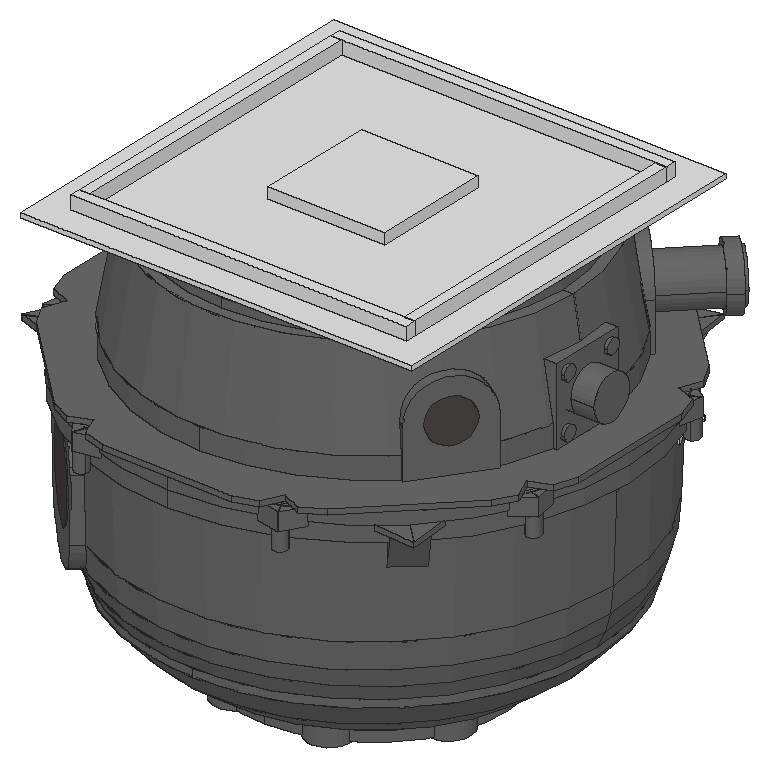
Revit family "280500xc (200)", category Generic Models, Revit 2021
Family settings
  Can host rebar = No
  Round Connector Dimension = Use Diameter
  Part Type = Normal
  Work Plane-Based = No
  Always vertical = Yes
  Cut with Voids When Loaded = No
  Shared = Yes
  Room Calculation Point = No
Parameters (values of type "280500XC")
  SUPPLIER = "KESSEL"
  SA700ID50 = "no"
  SA700ID49 = "Protection Class I"
  SA700ID48 = "no"
  SA700ID47 = "no"
  SA700ID46 = "yes"
  SA700ID37 = 8000 mm
  SA700ID34 = 12
  SA700ID33 = 0.5 W
  SA700ID32 = 15.71 kg
  SA700ID31 = 1
  SA700ID30 = 1
  SA700ID29 = "RWDR"
  SA700ID21 = 800
  SA700ID10 = "No"
  SA700ID08 = 230 V
  PROCUREWEBLINK = "https://p.caden.as/kessel/280500XC"
  PROCURELINK = "p.caden.as/kessel/280500XC"
  PROCUREDATALASTUPDATE = "2024-05-22T12:17:26.334168499+01:00"
  PRC_SPECIFICATIONLINK = "https://ausschreiben.de/catalog/kessel/catalogItem/a43bc22f-9c31-46fb-94bf-540b6dd678c2"
  NN = "Lifting station Aqualift S compact"
  NBSYN = "$SA810ID03. ($LODLEVEL.)"
  NB = "280500XC (200)"
  Model = "280500XC"
  Manufacturer = "KESSEL"
  MIdent = "{$CADENAS_DATA/23d-libs/kessel/kessel_vdi_import/4/entwaesserung/hebeanlage20aqualift20s20compact.prj},217 {STYP=ASS},{VTYP=3D},{NB=280500XC (200)},{LINA=280500XC},{NN=Lifting station Aqualift S compact},{DATE=21.11.2022 10:40:35},{GEOMDATE=21.11.2022 10:40:35},{VERSION=},{LINEID=70},{WBVAR=LODLEVEL},{WBNUMERIC=LODLEVEL}  {NB=280500XC (200)},{LINA=280500XC},{KT=DUMMY},{PREVIEW=../../bilder/ksb_w_280500xc.png},{SA700ID04=Hebeanlage Aqualift S Compact, Mono, GTF500, resistant, Bodenpl., befl.},{SA810ID06=04026092082591},{SA700ID34=12.00},{SA010ID03=201805},{SA810ID03=280500XC},{SA810ID10=Die steckerfertige Hebeanlage für fäkalienfreies Abwasser ist mit einer überflutbaren Pumpe sowie einem Rückflussverhinderer ausgestattet. Der Sammelbehälter aus dauerhaft beständigem Kunststoff (PE) besitzt einen offenen Pumpenraum. Einhandverschlüsse ermöglichen die einfache Entnahme der integrierten Komponenten. Die Anlage zum Einbau in die Bodenplatte ist vormontiert zur bauseitigen Endmontage.- mit teleskopischem Aufsatzstück für stufenlosen Höhen- und Niveauausgleich und integriertem Bodenablauf- Sammelbehälter aus PE, beständig gegen aggressive Abwässer und 3 m Grundwasser- inklusive Rückflussverhinderer für die Druckleitung- inklusive Stutzen für Zulauf und Kabelleerrohr- Pumpe mit Freistromrad für höchste BetriebssicherheitAusführung:Anlagenart: EinzelanlagePumpensteuerung: SchwimmerschalterRückflussverhinderer: integriertResistant: beständig gegen salzhaltige Medien, Abwasser aus Enthärtungsanlagen sowie kondensathaltiges Abwasser aus HeizungsanlagenAuslieferungszustand: installationsfertig (Verbindungsteile sind bauseits anzuschließen)Einbausituation: Einbau in die BodenplatteAbwasserart: fäkalienfreiAllgemeine Merkmale:Farbe: schwarzNorm: EN 12050-2Abmessungen:Länge: 617 mmBreite: 585 mmBehälter/Grundkörper:Zulauf Nennweite (DN): 100 mmDruckabgang (DN): 32 mmDruckabgang (DA): 40 mmEinbautiefe: 490 - 620 mmNutzvolumen: 16 lArt der Höhenverstellbarkeit: teleskopisches AufsatzstückAbdeckungsmerkmale:Abdeckungsart: befliesbare AbdeckplatteAbdeckung Material: KunststoffAbdeckung Farbe: silbergrauAblauffunktion: jaBodenbelaghöhe max.: 16 mmBelastungsklasse: K 3 (EN 1253-1)Länge: 366 mmBreite: 366 mmVerriegelung: Lock & LiftFreier Kugeldurchgang: 10 mmFördereinrichtung:Pumpe: GTF 500Anzahl Pumpen: 1Förderleistung max.: 10 m3/hFörderhöhe max.: 8 mBetriebsspannung: 230 VNetzfrequenz: 50 HzBetriebsart: S1Leistung P1: 0,6 kWLeistung P2: 0,36 kWDrehzahl: 2.800 U/minErforderliche Absicherung (Leitungsschutz): C 16 AFörderguttemperatur (dauerhaft) max.: 40 °CAnschlusstyp: Schuko 2-poligLaufrad Typ: FreistromradLänge Netzanschlussleitung Pumpe: 5 mNennstrom: 2,7 ASchutzart Pumpe: IP 68 (3m)Typ Anschlussleitung Pumpe: H07RN-F 3G 1,0 mm2Temperaturüberwachung: integriertSteuerung:Art Niveauerfassung: mechanischInstrument Niveauerfassung: Schwimmerschalter},{SA700ID37=8.00},{SA700ID33=0.50},{SA700ID08=230},{SA700ID30=1},{SA700ID32=15.71},{SA700ID49=Schutzklasse I},{SA700ID50=nein},{SA200ID03=6},{SA250ID03=vertikal},{SA260ID03=Trockenläuferpumpe},{SA350ID03=normalansaugend},{SA400ID03=E-Motor für Wechselstrom},{SA460ID03=direkt},{SA500ID03=Kunststoff, Edelstahl},{SA700ID06=32},{SA700ID07=100},{SA700ID09=1/N/PE 230V},{SA700ID10=Nein},{SA700ID11=50},{SA700ID12=IP 68},{SA700ID13=F},{SA700ID15=35},{SA700ID21=800.00},{SA700ID22=0.36},{SA700ID23=2800},{SA700ID24=2800},{SA700ID26=2.50},{SA700ID27=6.90},{SA700ID28=durchgehend},{SA700ID29=RWDR},{SA700ID31=1},{SA700ID46=ja},{SA700ID47=nein},{SA700ID48=nein},{SA110ID04=Hebeanlage Aqualift S Compact},{SA300ID03=einstufig},{SA700ID44=MIN},{SA700ID45=MIN},{SA010ID04=KESSEL AG},{LODLEVEL=200},{LINK=https://www.kessel.de/info?han=280500XC},{SA970ID01=970},{SA970ID02=14004},{SA970ID03=280500XC},{SA970ID04=11002617},{SA970ID05=QUAD},{SA970ID06=-326},{SA970ID07=-291.04},{SA970ID08=0},{SA970ID09=1},{SA970ID10=0},{SA970ID11=0},{SA970ID12=0},{SA970ID13=1},{SA970ID14=0},{SA970ID15=617.04},{SA970ID16=582.09},{SA970ID17=488.5},{LODLEVEL_=200,'Low'},{LODLEVEL_DEU=200,'Low'},{LINK_=https://www.kessel.de/info?han=280500XC},{LINK_DEU=https://www.kessel.de/info?han=280500XC},{LODLEVEL_3DB=280500XC_200},{DNIN1=100},{DNIN2=125},{DNIN3=100},{DNIN4=100},{DNOUT1=70},{DNOUT2=32},{ISD1=60},{ISD2=10},{ISD3=10},{SA010ID01=010},{SA010ID02=4},{SA010ID06=www.kessel.de},{SA010ID07=www.kessel.de},{SA010ID12=20180713},{SA010ID13=DEU},{SA010ID14=DE},{SA100ID01=100},{SA100ID02=4},{SA100ID04=Entwässerung},{SA110ID01=110},{SA110ID02=30},{SA200ID01=200},{SA200ID02=6},{SA250ID01=250},{SA250ID02=2},{SA260ID01=260},{SA260ID02=2},{SA300ID01=300},{SA300ID02=1},{SA350ID01=350},{SA350ID02=1},{SA400ID01=400},{SA400ID02=1},{SA460ID01=460},{SA460ID02=1},{SA500ID01=500},{SA500ID02=1},{SA700ID01=700},{SA700ID02=189},{SA700ID10_=0},{SA700ID16=0},{SA700ID25=0},{SA700ID46_=1},{SA700ID47_=0},{SA700ID48_=0},{SA700ID49_=1},{SA700ID50_=0},{SA800ID01=800},{SA800ID02=4},{SA810ID01=810},{SA810ID02=189},{SA810ID04=280500XC},{SA810ID07=189},{SA810ID09=1},{SA810ID14=PCE},{SA810ID15=1},{SA810ID16=NMP},{SA960ID03=189},{SA960ID04=3L},{SA960ID08=https://www.kessel.de/info?han=280500XC},{SA010ID08=4026092000007},{SA100ID05=Hebeanlage},{SA110ID06=Hebeanlage}"
  LINK = "https://www.kessel.de/info?han=280500XC"
  LINA = "280500XC"
  Default Elevation = 0 mm
  CREATOR = "CADENAS GmbH"
  CATALOG = "KESSEL"
  BOMINFO = "LINA"
  ARTICLENO = "NB"
  4.810.00.9 Order quantity (multiplicator) = "1"
  4.810.00.7 Media- connection number = "189"
  4.810.00.6 GTIN number = "04026092082591"
  4.810.00.4 DATANORM number = "280500XC"
  4.810.00.3 Producer order number = "280500XC"
  4.710.03.7 Mass (net) = 15.71 kg
  4.710.03.6 Height = 490 mm
  4.710.03.5 Width = 580 mm
  4.710.03.4 Length = 620 mm
  4.710.03.3 Type of dimensions = "2"
  4.710.02.8 Area of application of wastewater pump = "2"
  4.710.02.6 Duty type = "S1"
  4.710.02.5 Cutting device = "0"
  4.710.02.4 Attached pump control = "1"
  4.710.02.3 Free passage = 10 mm
  4.710.01.6 Option to connect to building automation = "10"
  4.710.01.5 Load regulation = "0"
  4.710.01.4 Designation of closed-loop control = "16"
  4.700.00.9 Voltage = 0
  4.700.00.8 Nominal connection size on suction side = "100"
  4.700.00.7 Nominal connection size on pressure side = "100"
  4.700.00.6 Type of connection = "32"
  4.700.00.4 Product indentification = "Hebeanlage Aqualift S Compact, Mono, GTF500, resistant, Bodenpl., befl."
  4.700.00.28 Motor pump shaft = "durchgehend"
  4.700.00.27 Starting current = 6.9
  4.700.00.26 Maximum power consumption per pump / drive = 2.5
  4.700.00.25 Minimum speed at internal speed adjustment = 0
  4.700.00.24 Nominal speed / maximum speed n = 46.6667
  4.700.00.23 Nominal speed of motor = 46.6667
  4.700.00.22 Maximum shaft output (P2) per pump/drive = 0.36 W
  4.700.00.16 Maximum temperature of pumped medium = 0 °C
  4.700.00.15 Increased safety class = "35 °C"
  4.700.00.13 Type of protection = "F"
  4.700.00.12 Frequency = 0
  4.700.00.11 Stern-/Dreieck-Anlaufschaltung bei Dreiphasenanschluss oder Drehstrom = "50 Hz"
  4.700.00.10 Phase = "0"
  4.500.00.3 Variant / Variant type / Accessories-name = "Kunststoff, Edelstahl"
  4.460.00.3 Variant / Variant type / Accessories-name = "direkt"
  4.400.00.3 Variant / Variant type / Accessories-name = "E-Motor für Wechselstrom"
  4.350.00.3 Variant / Variant type / Accessories-name = "normalansaugend"
  4.300.00.3 Variant / Variant type / Accessories-name = "einstufig"
  4.260.00.3 Variant / Variant type / Accessories-name = "Trockenläuferpumpe"
  4.250.00.3 Variant / Variant type / Accessories-name = "vertikal"
  4.200.00.3 Variant / Variant type / Accessories-name = "6"
  4.110.00.6 Product classification = "Hebeanlage"
  4.110.00.4 Product indentification = "Hebeanlage Aqualift S Compact"
  4.100.00.5 Main groups of wares = "Hebeanlage"
  4.100.00.4 Product indentification = "Entwässerung"
  4.010.00.8 Producer ID number = "4026092000007"
  4.010.00.7 Comment = "www.kessel.de"
  4.010.00.6 Web address of the manufacturer = "www.kessel.de"
  4.010.00.4 Manufacturer name = "KESSEL AG"
  4.010.00.3 Date of issuance (month) of guideline = "201805"
  4.010.00.2 Sheet number of the guideline = "4"
  4.010.00.14 Kennungen der Projektländer, für die die Datei gültig ist = "DE"
  4.010.00.13 Sprache der Datei = "DEU"
  4.010.00.12 Stand des Herstellerkatalogs = "20180713"
Reference planes
  plane 1 "Center (Front/Back)": y = 0
  plane 2: z = 0
  plane 3 "Center (Left/Right)": x = 0
Forms (mm)
  Extrusion 1, void
    sketch origin (-197.283, 197.283, 209) x (-0.707107, -0.707107, 0) y (0, 0, -1)
      loop
        line (-0.5, -0.5) -> (0.5, -0.5) -> (0.5, 0.5) -> (-0.5, 0.5) -> (-0.5, -0.5)
    from 0 to 1
  Extrusion 2, void
    sketch origin (-197.283, -197.283, 209) x (0.707107, -0.707107, 0) y (0, 0, -1)
      loop
        line (-0.5, -0.5) -> (0.5, -0.5) -> (0.5, 0.5) -> (-0.5, 0.5) -> (-0.5, -0.5)
    from 0 to 1
  Extrusion 3, void
    sketch origin (228.084, 242.226, 376) x (-0.707107, 0.707107, 0) y (0, 0, -1)
      loop
        line (-0.5, -0.5) -> (0.5, -0.5) -> (0.5, 0.5) -> (-0.5, 0.5) -> (-0.5, -0.5)
    from 0 to 1
Dimensions and locks
  locked: plane 2 to Extrusion 1 at 208.5
  locked: plane 2 to Extrusion 1 at 209.5
  locked: plane 2 to Extrusion 2 at 208.5
  locked: plane 2 to Extrusion 2 at 209.5
  locked: plane 2 to Extrusion 3 at 375.5
  locked: plane 2 to Extrusion 3 at 376.5
  aligned and locked: level to plane 2
Nested families
  nested 1: "280500xc (200)_content" at (0, 0, 0), type "280500XC (200)_Content"
  nested 2: "280500xc (200)_part1_X0Y0" at (0, 0, 0), type "280500XC_PART1_X0Y0"
Connectors
  piping at (-326, 0, 209), diameter 125
    settings: on nested 2, index 1, connector inside diameter 609.6 mm, connector length 0 mm, flow factor 0, pipe flow 0.0 L/s, pressure drop 0.0 Pa, fitting loss kfactor 0, connector angle 0.00°, fixture units 0, engagement length 0 mm, angle of deflection 0.00°, flow configuration 0, flow direction 1, fitting loss method 2, system type 29, joint type 0, gender type 0, connector reference index -1, connector utility 0, adjustable connector no, is connector primary yes, connector description ""
  piping at (-197.283, 197.283, 209), diameter 100
    settings: on Extrusion 1, index 2, connector inside diameter 609.6 mm, connector length 0 mm, flow factor 0, pipe flow 0.0 L/s, pressure drop 0.0 Pa, fitting loss kfactor 0, connector angle 0.00°, fixture units 0, engagement length 0 mm, angle of deflection 0.00°, flow configuration 0, flow direction 0, fitting loss method 2, system type 29, joint type 0, gender type 0, connector reference index -1, connector utility 0, adjustable connector no, is connector primary no, connector description ""
  piping at (-197.283, -197.283, 209), diameter 100
    settings: on Extrusion 2, index 3, connector inside diameter 609.6 mm, connector length 0 mm, flow factor 0, pipe flow 0.0 L/s, pressure drop 0.0 Pa, fitting loss kfactor 0, connector angle 0.00°, fixture units 0, engagement length 0 mm, angle of deflection 0.00°, flow configuration 0, flow direction 0, fitting loss method 2, system type 29, joint type 0, gender type 0, connector reference index -1, connector utility 0, adjustable connector no, is connector primary no, connector description ""
  piping at (-245.75, 0, 370), diameter 70
    settings: on nested 2, index 4, connector inside diameter 609.6 mm, connector length 0 mm, flow factor 0, pipe flow 0.0 L/s, pressure drop 0.0 Pa, fitting loss kfactor 0, connector angle 0.00°, fixture units 0, engagement length 0 mm, angle of deflection 0.00°, flow configuration 0, flow direction 0, fitting loss method 2, system type 29, joint type 0, gender type 0, connector reference index -1, connector utility 0, adjustable connector no, is connector primary no, connector description ""
  piping at (272.5, -3, 363.25), diameter 32
    settings: on nested 2, index 5, connector inside diameter 609.6 mm, connector length 0 mm, flow factor 0, pipe flow 0.0 L/s, pressure drop 0.0 Pa, fitting loss kfactor 0, connector angle 0.00°, fixture units 0, engagement length 0 mm, angle of deflection 0.00°, flow configuration 0, flow direction 2, fitting loss method 2, system type 29, joint type 0, gender type 0, connector reference index -1, connector utility 0, adjustable connector no, is connector primary no, connector description ""
  electrical at (241.378, 227.236, 364)
    settings: on nested 2, index 6, voltage 0 V, apparent load 0 VA, apparent load phase1 0 VA, apparent load phase2 0 VA, apparent load phase3 0 VA, power factor 1, load classification "Other", number of poles 1, system type 31, power factor state 1, is connector primary yes, connector utility no, sub classification motor no, connector description ""
  electrical at (241.378, 227.236, 376)
    settings: on nested 2, index 7, voltage 0 V, apparent load 0 VA, apparent load phase1 0 VA, apparent load phase2 0 VA, apparent load phase3 0 VA, power factor 1, load classification "Other", number of poles 1, system type 31, power factor state 1, is connector primary no, connector utility no, sub classification motor no, connector description ""
  electrical at (227.236, 241.378, 364)
    settings: on nested 2, index 8, voltage 0 V, apparent load 0 VA, apparent load phase1 0 VA, apparent load phase2 0 VA, apparent load phase3 0 VA, power factor 1, load classification "Other", number of poles 1, system type 31, power factor state 1, is connector primary no, connector utility no, sub classification motor no, connector description ""
  electrical at (228.084, 242.226, 376)
    settings: on Extrusion 3, index 9, voltage 0 V, apparent load 0 VA, apparent load phase1 0 VA, apparent load phase2 0 VA, apparent load phase3 0 VA, power factor 1, load classification "Other", number of poles 1, system type 31, power factor state 1, is connector primary no, connector utility no, sub classification motor no, connector description ""
Definition of nested family "280500xc (200)_part1_X0Y0"
  Parameters (values of type "280500XC_PART1_X0Y0")
    SUPPLIER = "KESSEL"
    SA700ID50 = "no"
    SA700ID49 = "Protection Class I"
    SA700ID48 = "no"
    SA700ID47 = "no"
    SA700ID46 = "yes"
    SA700ID37 = 8000 mm
    SA700ID34 = 12
    SA700ID33 = 0.5 W
    SA700ID32 = 15.71 kg
    SA700ID31 = 1
    SA700ID30 = 1
    SA700ID29 = "RWDR"
    SA700ID21 = 800
    SA700ID10 = "No"
    SA700ID08 = 230 V
    NBSYN = "$SA810ID03. ($LODLEVEL.)_PART1"
    NB = "280500XC (200)_PART1"
    Model = "280500XC_PART1"
    Manufacturer = "KESSEL"
    MIdent = "{$CADENAS_DATA/23d-libs/kessel/kessel_vdi_import/4/entwaesserung/hebeanlage20aqualift20s20compact.prj},237 {VTYP=3D},{NB=280500XC (200)_PART1},{LINA=280500XC_PART1},{NN=Lifting station Aqualift S compact_PART1},{NOPRJ=TRUE},{DATE=21.11.2022 10:40:35},{GEOMDATE=21.11.2022 10:40:35},{VERSION=},{LINEID=70},{WBVAR=LODLEVEL},{WBNUMERIC=LODLEVEL}  {NB=280500XC (200)_PART1},{LINA=280500XC_PART1},{KT=DUMMY},{PREVIEW=../../bilder/ksb_w_280500xc.png},{SA700ID04=Hebeanlage Aqualift S Compact, Mono, GTF500, resistant, Bodenpl., befl.},{SA810ID06=04026092082591},{SA700ID34=12.00},{SA010ID03=201805},{SA810ID03=280500XC},{SA810ID10=Die steckerfertige Hebeanlage für fäkalienfreies Abwasser ist mit einer überflutbaren Pumpe sowie einem Rückflussverhinderer ausgestattet. Der Sammelbehälter aus dauerhaft beständigem Kunststoff (PE) besitzt einen offenen Pumpenraum. Einhandverschlüsse ermöglichen die einfache Entnahme der integrierten Komponenten. Die Anlage zum Einbau in die Bodenplatte ist vormontiert zur bauseitigen Endmontage.- mit teleskopischem Aufsatzstück für stufenlosen Höhen- und Niveauausgleich und integriertem Bodenablauf- Sammelbehälter aus PE, beständig gegen aggressive Abwässer und 3 m Grundwasser- inklusive Rückflussverhinderer für die Druckleitung- inklusive Stutzen für Zulauf und Kabelleerrohr- Pumpe mit Freistromrad für höchste BetriebssicherheitAusführung:Anlagenart: EinzelanlagePumpensteuerung: SchwimmerschalterRückflussverhinderer: integriertResistant: beständig gegen salzhaltige Medien, Abwasser aus Enthärtungsanlagen sowie kondensathaltiges Abwasser aus HeizungsanlagenAuslieferungszustand: installationsfertig (Verbindungsteile sind bauseits anzuschließen)Einbausituation: Einbau in die BodenplatteAbwasserart: fäkalienfreiAllgemeine Merkmale:Farbe: schwarzNorm: EN 12050-2Abmessungen:Länge: 617 mmBreite: 585 mmBehälter/Grundkörper:Zulauf Nennweite (DN): 100 mmDruckabgang (DN): 32 mmDruckabgang (DA): 40 mmEinbautiefe: 490 - 620 mmNutzvolumen: 16 lArt der Höhenverstellbarkeit: teleskopisches AufsatzstückAbdeckungsmerkmale:Abdeckungsart: befliesbare AbdeckplatteAbdeckung Material: KunststoffAbdeckung Farbe: silbergrauAblauffunktion: jaBodenbelaghöhe max.: 16 mmBelastungsklasse: K 3 (EN 1253-1)Länge: 366 mmBreite: 366 mmVerriegelung: Lock & LiftFreier Kugeldurchgang: 10 mmFördereinrichtung:Pumpe: GTF 500Anzahl Pumpen: 1Förderleistung max.: 10 m3/hFörderhöhe max.: 8 mBetriebsspannung: 230 VNetzfrequenz: 50 HzBetriebsart: S1Leistung P1: 0,6 kWLeistung P2: 0,36 kWDrehzahl: 2.800 U/minErforderliche Absicherung (Leitungsschutz): C 16 AFörderguttemperatur (dauerhaft) max.: 40 °CAnschlusstyp: Schuko 2-poligLaufrad Typ: FreistromradLänge Netzanschlussleitung Pumpe: 5 mNennstrom: 2,7 ASchutzart Pumpe: IP 68 (3m)Typ Anschlussleitung Pumpe: H07RN-F 3G 1,0 mm2Temperaturüberwachung: integriertSteuerung:Art Niveauerfassung: mechanischInstrument Niveauerfassung: Schwimmerschalter},{SA700ID37=8.00},{SA700ID33=0.50},{SA700ID08=230},{SA700ID30=1},{SA700ID32=15.71},{SA700ID49=Schutzklasse I},{SA700ID50=nein},{SA200ID03=6},{SA250ID03=vertikal},{SA260ID03=Trockenläuferpumpe},{SA350ID03=normalansaugend},{SA400ID03=E-Motor für Wechselstrom},{SA460ID03=direkt},{SA500ID03=Kunststoff, Edelstahl},{SA700ID06=32},{SA700ID07=100},{SA700ID09=1/N/PE 230V},{SA700ID10=Nein},{SA700ID11=50},{SA700ID12=IP 68},{SA700ID13=F},{SA700ID15=35},{SA700ID21=800.00},{SA700ID22=0.36},{SA700ID23=2800},{SA700ID24=2800},{SA700ID26=2.50},{SA700ID27=6.90},{SA700ID28=durchgehend},{SA700ID29=RWDR},{SA700ID31=1},{SA700ID46=ja},{SA700ID47=nein},{SA700ID48=nein},{SA110ID04=Hebeanlage Aqualift S Compact},{SA300ID03=einstufig},{SA700ID44=MIN},{SA700ID45=MIN},{SA010ID04=KESSEL AG},{LODLEVEL=200},{LINK=https://www.kessel.de/info?han=280500XC},{SA970ID01=970},{SA970ID02=14004},{SA970ID03=280500XC},{SA970ID04=11002617},{SA970ID05=QUAD},{SA970ID06=-326},{SA970ID07=-291.04},{SA970ID08=0},{SA970ID09=1},{SA970ID10=0},{SA970ID11=0},{SA970ID12=0},{SA970ID13=1},{SA970ID14=0},{SA970ID15=617.04},{SA970ID16=582.09},{SA970ID17=488.5},{LODLEVEL_=200,'Low'},{LODLEVEL_DEU=200,'Low'},{LINK_=https://www.kessel.de/info?han=280500XC},{LINK_DEU=https://www.kessel.de/info?han=280500XC},{LODLEVEL_3DB=280500XC_200},{DNIN1=100},{DNIN2=125},{DNIN3=100},{DNIN4=100},{DNOUT1=70},{DNOUT2=32},{ISD1=60},{ISD2=10},{ISD3=10},{SA010ID01=010},{SA010ID02=4},{SA010ID06=www.kessel.de},{SA010ID07=www.kessel.de},{SA010ID12=20180713},{SA010ID13=DEU},{SA010ID14=DE},{SA100ID01=100},{SA100ID02=4},{SA100ID04=Entwässerung},{SA110ID01=110},{SA110ID02=30},{SA200ID01=200},{SA200ID02=6},{SA250ID01=250},{SA250ID02=2},{SA260ID01=260},{SA260ID02=2},{SA300ID01=300},{SA300ID02=1},{SA350ID01=350},{SA350ID02=1},{SA400ID01=400},{SA400ID02=1},{SA460ID01=460},{SA460ID02=1},{SA500ID01=500},{SA500ID02=1},{SA700ID01=700},{SA700ID02=189},{SA700ID10_=0},{SA700ID16=0},{SA700ID25=0},{SA700ID46_=1},{SA700ID47_=0},{SA700ID48_=0},{SA700ID49_=1},{SA700ID50_=0},{SA800ID01=800},{SA800ID02=4},{SA810ID01=810},{SA810ID02=189},{SA810ID04=280500XC},{SA810ID07=189},{SA810ID09=1},{SA810ID14=PCE},{SA810ID15=1},{SA810ID16=NMP},{SA960ID03=189},{SA960ID04=3L},{SA960ID08=https://www.kessel.de/info?han=280500XC},{SA010ID08=4026092000007},{SA100ID05=Hebeanlage},{SA110ID06=Hebeanlage}"
    LINK = "https://www.kessel.de/info?han=280500XC"
    LINA = "280500XC_PART1"
    Default Elevation = 1219.2 mm
    CREATOR = "CADENAS GmbH"
    CATALOG = "KESSEL"
    BOMINFO = "LINA"
    ARTICLENO = "NB"
    4.810.00.9 Order quantity (multiplicator) = "1"
    4.810.00.7 Media- connection number = "189"
    4.810.00.6 GTIN number = "04026092082591"
    4.810.00.4 DATANORM number = "280500XC"
    4.810.00.3 Producer order number = "280500XC"
    4.710.03.7 Mass (net) = 15.71 kg
    4.710.03.6 Height = 490 mm
    4.710.03.5 Width = 580 mm
    4.710.03.4 Length = 620 mm
    4.710.03.3 Type of dimensions = "2"
    4.710.02.8 Area of application of wastewater pump = "2"
    4.710.02.6 Duty type = "S1"
    4.710.02.5 Cutting device = "0"
    4.710.02.4 Attached pump control = "1"
    4.710.02.3 Free passage = 10 mm
    4.710.01.6 Option to connect to building automation = "10"
    4.710.01.5 Load regulation = "0"
    4.710.01.4 Designation of closed-loop control = "16"
    4.700.00.9 Voltage = 0
    4.700.00.8 Nominal connection size on suction side = "100"
    4.700.00.7 Nominal connection size on pressure side = "100"
    4.700.00.6 Type of connection = "32"
    4.700.00.4 Product indentification = "Hebeanlage Aqualift S Compact, Mono, GTF500, resistant, Bodenpl., befl."
    4.700.00.28 Motor pump shaft = "durchgehend"
    4.700.00.27 Starting current = 6.9
    4.700.00.26 Maximum power consumption per pump / drive = 2.5
    4.700.00.25 Minimum speed at internal speed adjustment = 0
    4.700.00.24 Nominal speed / maximum speed n = 46.6667
    4.700.00.23 Nominal speed of motor = 46.6667
    4.700.00.22 Maximum shaft output (P2) per pump/drive = 0.36 W
    4.700.00.16 Maximum temperature of pumped medium = 0 °C
    4.700.00.15 Increased safety class = "35 °C"
    4.700.00.13 Type of protection = "F"
    4.700.00.12 Frequency = 0
    4.700.00.11 Stern-/Dreieck-Anlaufschaltung bei Dreiphasenanschluss oder Drehstrom = "50 Hz"
    4.700.00.10 Phase = "0"
    4.500.00.3 Variant / Variant type / Accessories-name = "Kunststoff, Edelstahl"
    4.460.00.3 Variant / Variant type / Accessories-name = "direkt"
    4.400.00.3 Variant / Variant type / Accessories-name = "E-Motor für Wechselstrom"
    4.350.00.3 Variant / Variant type / Accessories-name = "normalansaugend"
    4.300.00.3 Variant / Variant type / Accessories-name = "einstufig"
    4.260.00.3 Variant / Variant type / Accessories-name = "Trockenläuferpumpe"
    4.250.00.3 Variant / Variant type / Accessories-name = "vertikal"
    4.200.00.3 Variant / Variant type / Accessories-name = "6"
    4.110.00.6 Product classification = "Hebeanlage"
    4.110.00.4 Product indentification = "Hebeanlage Aqualift S Compact"
    4.100.00.5 Main groups of wares = "Hebeanlage"
    4.100.00.4 Product indentification = "Entwässerung"
    4.010.00.8 Producer ID number = "4026092000007"
    4.010.00.7 Comment = "www.kessel.de"
    4.010.00.6 Web address of the manufacturer = "www.kessel.de"
    4.010.00.4 Manufacturer name = "KESSEL AG"
    4.010.00.3 Date of issuance (month) of guideline = "201805"
    4.010.00.2 Sheet number of the guideline = "4"
    4.010.00.14 Kennungen der Projektländer, für die die Datei gültig ist = "DE"
    4.010.00.13 Sprache der Datei = "DEU"
    4.010.00.12 Stand des Herstellerkatalogs = "20180713"
  Reference planes
    plane 1 "Center (Front/Back)": y = 0
    plane 2: z = 0
    plane 3 "Center (Left/Right)": x = 0
  Dimensions and locks
    aligned and locked: level to plane 2
  Nested families
    nested 1: "280500xc (200)_part1_content" at (0, 0, 0), type "280500XC (200)_PART1_Content"
  Definition of nested family "280500xc (200)_part1_content"
    Parameters (values of type "280500XC (200)_PART1_Content")
      SUPPLIER = "KESSEL"
      SA700ID50 = "no"
      SA700ID49 = "Protection Class I"
      SA700ID48 = "no"
      SA700ID47 = "no"
      SA700ID46 = "yes"
      SA700ID37 = 8000 mm
      SA700ID34 = 12
      SA700ID33 = 0.5 W
      SA700ID32 = 15.71 kg
      SA700ID31 = 1
      SA700ID30 = 1
      SA700ID29 = "RWDR"
      SA700ID21 = 800
      SA700ID10 = "No"
      SA700ID08 = 230 V
      NBSYN = "$SA810ID03. ($LODLEVEL.)_PART1"
      NB = "280500XC (200)_PART1"
      Model = "280500XC_PART1"
      Manufacturer = "KESSEL"
      LINK = "https://www.kessel.de/info?han=280500XC"
      LINA = "280500XC_PART1"
      Default Elevation = 1219.2 mm
      CREATOR = "CADENAS GmbH"
      CATALOG = "KESSEL"
      BOMINFO = "LINA"
      ARTICLENO = "NB"
      4.810.00.9 Order quantity (multiplicator) = "1"
      4.810.00.7 Media- connection number = "189"
      4.810.00.6 GTIN number = "04026092082591"
      4.810.00.4 DATANORM number = "280500XC"
      4.810.00.3 Producer order number = "280500XC"
      4.710.03.7 Mass (net) = 15.71 kg
      4.710.03.6 Height = 490 mm
      4.710.03.5 Width = 580 mm
      4.710.03.4 Length = 620 mm
      4.710.03.3 Type of dimensions = "2"
      4.710.02.8 Area of application of wastewater pump = "2"
      4.710.02.6 Duty type = "S1"
      4.710.02.5 Cutting device = "0"
      4.710.02.4 Attached pump control = "1"
      4.710.02.3 Free passage = 10 mm
      4.710.01.6 Option to connect to building automation = "10"
      4.710.01.5 Load regulation = "0"
      4.710.01.4 Designation of closed-loop control = "16"
      4.700.00.9 Voltage = 0
      4.700.00.8 Nominal connection size on suction side = "100"
      4.700.00.7 Nominal connection size on pressure side = "100"
      4.700.00.6 Type of connection = "32"
      4.700.00.4 Product indentification = "Hebeanlage Aqualift S Compact, Mono, GTF500, resistant, Bodenpl., befl."
      4.700.00.28 Motor pump shaft = "durchgehend"
      4.700.00.27 Starting current = 6.9
      4.700.00.26 Maximum power consumption per pump / drive = 2.5
      4.700.00.25 Minimum speed at internal speed adjustment = 0
      4.700.00.24 Nominal speed / maximum speed n = 46.6667
      4.700.00.23 Nominal speed of motor = 46.6667
      4.700.00.22 Maximum shaft output (P2) per pump/drive = 0.36 W
      4.700.00.16 Maximum temperature of pumped medium = 0 °C
      4.700.00.15 Increased safety class = "35 °C"
      4.700.00.13 Type of protection = "F"
      4.700.00.12 Frequency = 0
      4.700.00.11 Stern-/Dreieck-Anlaufschaltung bei Dreiphasenanschluss oder Drehstrom = "50 Hz"
      4.700.00.10 Phase = "0"
      4.500.00.3 Variant / Variant type / Accessories-name = "Kunststoff, Edelstahl"
      4.460.00.3 Variant / Variant type / Accessories-name = "direkt"
      4.400.00.3 Variant / Variant type / Accessories-name = "E-Motor für Wechselstrom"
      4.350.00.3 Variant / Variant type / Accessories-name = "normalansaugend"
      4.300.00.3 Variant / Variant type / Accessories-name = "einstufig"
      4.260.00.3 Variant / Variant type / Accessories-name = "Trockenläuferpumpe"
      4.250.00.3 Variant / Variant type / Accessories-name = "vertikal"
      4.200.00.3 Variant / Variant type / Accessories-name = "6"
      4.110.00.6 Product classification = "Hebeanlage"
      4.110.00.4 Product indentification = "Hebeanlage Aqualift S Compact"
      4.100.00.5 Main groups of wares = "Hebeanlage"
      4.100.00.4 Product indentification = "Entwässerung"
      4.010.00.8 Producer ID number = "4026092000007"
      4.010.00.7 Comment = "www.kessel.de"
      4.010.00.6 Web address of the manufacturer = "www.kessel.de"
      4.010.00.4 Manufacturer name = "KESSEL AG"
      4.010.00.3 Date of issuance (month) of guideline = "201805"
      4.010.00.2 Sheet number of the guideline = "4"
      4.010.00.14 Kennungen der Projektländer, für die die Datei gültig ist = "DE"
      4.010.00.13 Sprache der Datei = "DEU"
      4.010.00.12 Stand des Herstellerkatalogs = "20180713"
    Reference planes
      plane 1 "Center (Front/Back)": y = 0
      plane 2: z = 0
      plane 3 "Center (Left/Right)": x = 0
    Forms (mm)
      Extrusion 1, solid, detail levels medium+fine
        sketch origin (0, 0, 2) x (0, 1, 0) y (-1, 0, 0)
          loop
            circle (0, 0) r 153
        from 0 to 26.5
      Revolve 2, solid, detail levels medium+fine
        sketch origin (0, 0, 21) x (0, 0, 1) y (-1, 0, 0)
          loop
            line (0, 0) -> (16, 0) -> (16, 193) -> (0, 153) -> (0, 0)
          axis (16, 0) -> (0, 0)
        angle from -360 to 0
      Revolve 3, solid, detail levels medium+fine
        sketch origin (0, 0, 37) x (0, 0, 1) y (-1, 0, 0)
          loop
            line (0, 0) -> (24, 0) -> (24, 225) -> (0, 193) -> (0, 0)
          axis (24, 0) -> (0, 0)
        angle from -360 to 0
      Revolve 4, solid, detail levels medium+fine
        sketch origin (0, 0, 61) x (0, 0, 1) y (-1, 0, 0)
          loop
            line (0, 0) -> (33, 0) -> (33, 255) -> (0, 225) -> (0, 0)
          axis (33, 0) -> (0, 0)
        angle from -360 to 0
      Extrusion 5, solid, detail levels medium+fine
        sketch origin (0, 0, 94) x (0, 1, 0) y (-1, 0, 0)
          loop
            circle (0, 0) r 255
        from 0 to 9
      Revolve 6, solid, detail levels medium+fine
        sketch origin (0, 0, 103) x (0, 0, 1) y (-1, 0, 0)
          loop
            line (0, 0) -> (18, 0) -> (18, 263.5) -> (0, 255) -> (0, 0)
          axis (18, 0) -> (0, 0)
        angle from -360 to 0
      Revolve 7, solid, detail levels medium+fine
        sketch origin (0, 0, 121) x (0, 0, 1) y (-1, 0, 0)
          loop
            line (0, 0) -> (20, 0) -> (20, 269.5) -> (0, 263.5) -> (0, 0)
          axis (20, 0) -> (0, 0)
        angle from -360 to 0
      Revolve 8, solid, detail levels medium+fine
        sketch origin (0, 0, 141) x (0, 0, 1) y (-1, 0, 0)
          loop
            line (0, 0) -> (30, 0) -> (30, 272.75) -> (0, 269.5) -> (0, 0)
          axis (30, 0) -> (0, 0)
        angle from -360 to 0
      Revolve 9, solid, detail levels medium+fine
        sketch origin (0, 0, 171) x (0, 0, 1) y (-1, 0, 0)
          loop
            line (0, 0) -> (111, 0) -> (111, 277) -> (0, 272.75) -> (0, 0)
          axis (111, 0) -> (0, 0)
        angle from -360 to 0
      Extrusion 10, solid, detail levels medium+fine
        sketch origin (0, 0, 282) x (0, 1, 0) y (-1, 0, 0)
          loop
            circle (0, 0) r 290.5
        from 0 to 18
      Extrusion 11, solid, detail levels medium+fine
        sketch origin (0, 0, 300) x (0, 1, 0) y (-1, 0, 0)
          loop
            circle (0, 0) r 291
        from 0 to 14
      Extrusion 12, solid, detail levels medium+fine
        sketch origin (0, 0, 314) x (1, 0, 0) y (0, 1, 0)
          loop
            line (-291.044, -72.937) -> (-283.487, -98.291) -> (-260.422, -107.913) -> (-269.955, -130.928) -> (-257.458, -154.14) -> (-154.225, -257.373) -> (-130.953, -269.958) -> (-107.84, -260.453) -> (-98.307, -283.467) -> (-73.056, -291.044) -> (72.937, -291.044) -> (98.291, -283.487) -> (107.913, -260.422) -> (130.928, -269.955) -> (154.14, -257.458) -> (257.694, -153.632) -> (269.958, -130.953) -> (260.394, -107.864) -> (283.467, -98.307) -> (291.044, -73.056) -> (291.044, 72.937) -> (283.487, 98.291) -> (260.422, 107.913) -> (269.955, 130.928) -> (257.458, 154.14) -> (154.225, 257.373) -> (130.953, 269.958) -> (107.84, 260.453) -> (98.307, 283.467) -> (73.056, 291.044) -> (-72.937, 291.044) -> (-98.291, 283.487) -> (-107.913, 260.422) -> (-130.928, 269.955) -> (-154.14, 257.458) -> (-257.373, 154.225) -> (-269.958, 130.953) -> (-260.453, 107.84) -> (-283.467, 98.307) -> (-291.044, 73.056) -> (-291.044, -72.937)
        from 0 to 6
      Extrusion 13, solid, detail levels medium+fine
        sketch origin (0, 0, 320) x (0, 1, 0) y (-1, 0, 0)
          loop
            circle (0, 0) r 245.25
        from 0 to 24.5
      Revolve 14, solid, detail levels medium+fine
        sketch origin (0, 0, 344.5) x (0, 0, 1) y (-1, 0, 0)
          loop
            line (0, 0) -> (106.5, 0) -> (106.5, 227) -> (0, 245.25) -> (0, 0)
          axis (106.5, 0) -> (0, 0)
        angle from -360 to 0
      Extrusion 15, solid, detail levels medium+fine
        sketch origin (0, 0, 451) x (0, 1, 0) y (-1, 0, 0)
          loop
            circle (0, 0) r 214.5
        from 0 to 10
      Extrusion 16, solid, detail levels medium+fine
        sketch origin (-190, -190, 461) x (0, 1, 0) y (0, 0, 1)
          loop
            line (0, 7.5) -> (0, 0) -> (380, 0) -> (380, 7.5) -> (0, 7.5)
        from 0 to 380
      Extrusion 17, solid, detail levels medium+fine
        sketch origin (0, 0, 461) x (0, 1, 0) y (-1, 0, 0)
          loop
            circle (0, 0) r 208.5
        from 0 to 7.5
      Extrusion 18, solid, detail levels medium+fine
        sketch origin (-222, -222, 468.5) x (0, 1, 0) y (0, 0, 1)
          loop
            line (0, 5) -> (0, 0) -> (444, 0) -> (444, 5) -> (0, 5)
        from 0 to 444
      Extrusion 19, solid, detail levels medium+fine
        sketch origin (-66, -66, 473.5) x (0, 1, 0) y (0, 0, 1)
          loop
            line (0, 12) -> (0, 0) -> (132, 0) -> (132, 12) -> (0, 12)
        from 0 to 132
      Extrusion 20, solid, detail levels medium+fine
        sketch origin (0, 0, 370) x (0, -1, 0) y (0, 0, 1)
          loop
            line (-45, 0) -> (-45, -55.25) -> (45, -55.25) -> (45, 0)
            arc (45, 0) -> (0, 45) -> (-45, 0) r 45
        from 0 to 245.5
      Extrusion 21, solid, detail levels medium+fine
        sketch origin (-244, 0, 370) x (0, -1, 0) y (0, 0, 1)
          loop
            circle (0, 0) r 35.1
        from 0 to 1.75
      Extrusion 22, solid, detail levels medium+fine
        sketch origin (0, 0, 375.25) x (-0.707107, 0.707107, 0) y (0, 0, 1)
          loop
            line (-45, 0) -> (-45, -55.25) -> (45, -55.25) -> (45, 0)
            arc (45, 0) -> (0, 45) -> (-45, 0) r 45
        from 0 to 245.5
      Extrusion 23, solid, detail levels medium+fine
        sketch origin (0, 0, 370) x (-0.707107, 0.707107, 0) y (0, 0, 1)
          loop
            circle (0, 0) r 27.7
        from 0 to 311.36
      Extrusion 24, solid, detail levels medium+fine
        sketch origin (0, 27.5, 332.75) x (0, 1, 0) y (0, 0, 1)
          loop
            circle (0, 0) r 8
        from 0 to 250
      Extrusion 25, solid, detail levels medium+fine
        sketch origin (0, -46.25, 320) x (0, 1, 0) y (0, 0, 1)
          loop
            line (0, 86.5) -> (0, 0) -> (86.5, 0) -> (86.5, 86.5) -> (0, 86.5)
        from 0 to 245.5
      Extrusion 26, solid, detail levels medium+fine
        sketch origin (0, -3, 363.25) x (0, 1, 0) y (0, 0, 1)
          loop
            circle (0, 0) r 24.75
        from 0 to 272.5
      Extrusion 27, solid, detail levels medium+fine
        sketch origin (0, 27.5, 393.75) x (0, 1, 0) y (0, 0, 1)
          loop
            circle (0, 0) r 8
        from 0 to 250
      Extrusion 28, solid, detail levels medium+fine
        sketch origin (0, -33.5, 332.75) x (0, 1, 0) y (0, 0, 1)
          loop
            circle (0, 0) r 8
        from 0 to 250
      Extrusion 29, solid, detail levels medium+fine
        sketch origin (0, -33.5, 393.75) x (0, 1, 0) y (0, 0, 1)
          loop
            circle (0, 0) r 8
        from 0 to 250
      Extrusion 30, solid, detail levels medium+fine
        sketch origin (0, 0, 375.25) x (0.573577, 0.819152, 0) y (0, 0, 1)
          loop
            line (-45, 0) -> (-45, -55.25) -> (45, -55.25) -> (45, 0)
            arc (45, 0) -> (0, 45) -> (-45, 0) r 45
        from 0 to 245.5
      Extrusion 31, solid, detail levels medium+fine
        sketch origin (199.873, -139.953, 375.25) x (0.573577, 0.819152, 0) y (0, 0, 1)
          loop
            circle (0, 0) r 25
        from 0 to 1.75
      Extrusion 32, solid, detail levels medium+fine
        sketch origin (-53.002, 127.957, 0) x (-0.92388, -0.382683, 0) y (0.382683, -0.92388, 0)
          loop
            circle (0, 0) r 25
        from 0 to 28.5
      Extrusion 33, solid, detail levels medium+fine
        sketch origin (-127.957, -53.002, 0) x (0.382683, -0.92388, 0) y (0.92388, 0.382683, 0)
          loop
            circle (0, 0) r 25
        from 0 to 28.5
      Extrusion 34, solid, detail levels medium+fine
        sketch origin (53.002, -127.957, 0) x (0.92388, 0.382683, 0) y (-0.382683, 0.92388, 0)
          loop
            circle (0, 0) r 25
        from 0 to 28.5
      Extrusion 35, solid, detail levels medium+fine
        sketch origin (53.002, 127.957, 0) x (-0.923879, 0.382684, 0) y (-0.382684, -0.923879, 0)
          loop
            circle (0, 0) r 25
        from 0 to 28.5
      Extrusion 36, solid, detail levels medium+fine
        sketch origin (-127.957, 53.002, 0) x (-0.382684, -0.923879, 0) y (0.923879, -0.382684, 0)
          loop
            circle (0, 0) r 25
        from 0 to 28.5
      Extrusion 37, solid, detail levels medium+fine
        sketch origin (-53.002, -127.957, 0) x (0.923879, -0.382684, 0) y (0.382684, 0.923879, 0)
          loop
            circle (0, 0) r 25
        from 0 to 28.5
      Extrusion 38, solid, detail levels medium+fine
        sketch origin (127.957, -53.002, 0) x (0.382684, 0.923879, 0) y (-0.923879, 0.382684, 0)
          loop
            circle (0, 0) r 25
        from 0 to 28.5
      Extrusion 39, solid, detail levels medium+fine
        sketch origin (127.957, 53.002, 0) x (-0.382683, 0.92388, 0) y (-0.92388, -0.382683, 0)
          loop
            circle (0, 0) r 25
        from 0 to 28.5
      Extrusion 40, solid, detail levels medium+fine
        sketch origin (0, 0, 209) x (0, -1, 0) y (0, 0, 1)
          loop
            line (-72.693, 35.337) -> (-68.918, -37.767)
            arc (-68.918, -37.767) -> (-63.198, -56.139) -> (-50.593, -70.678) r 46.983
            line (-50.593, -70.678) -> (-49.193, -71.697)
            arc (-49.193, -71.697) -> (-25.794, -83.147) -> (0, -86.788) r 83.079
            arc (0, -86.788) -> (25.794, -83.147) -> (49.193, -71.697) r 83.079
            line (49.193, -71.697) -> (50.593, -70.678)
            arc (50.593, -70.678) -> (63.198, -56.139) -> (68.918, -37.767) r 46.983
            line (68.918, -37.767) -> (72.693, 35.337)
            arc (72.693, 35.337) -> (71.616, 38.805) -> (69.783, 41.939) r 15.989
            arc (69.783, 41.939) -> (60.032, 51.336) -> (48.652, 58.679) r 69.984
            line (48.652, 58.679) -> (47.252, 59.417)
            arc (47.252, 59.417) -> (24.369, 68.322) -> (0, 71.344) r 99.373
            arc (0, 71.344) -> (-24.369, 68.322) -> (-47.252, 59.417) r 99.373
            line (-47.252, 59.417) -> (-48.652, 58.679)
            arc (-48.652, 58.679) -> (-60.032, 51.336) -> (-69.783, 41.939) r 69.984
            arc (-69.783, 41.939) -> (-71.616, 38.805) -> (-72.693, 35.337) r 15.989
        from 0 to 277.5
      Extrusion 41, solid, detail levels medium+fine
        sketch origin (0, 0, 209) x (0, -1, 0) y (0, 0, 1)
          loop
            circle (0, 0) r 55
        from 0 to 326
      Extrusion 42, solid, detail levels medium+fine
        sketch origin (0, 0, 209) x (0.707107, -0.707107, 0) y (0, 0, 1)
          loop
            line (-72.693, 35.337) -> (-68.918, -37.767)
            arc (-68.918, -37.767) -> (-63.198, -56.139) -> (-50.593, -70.678) r 46.983
            line (-50.593, -70.678) -> (-49.193, -71.697)
            arc (-49.193, -71.697) -> (-25.794, -83.147) -> (0, -86.788) r 83.079
            arc (0, -86.788) -> (25.794, -83.147) -> (49.193, -71.697) r 83.079
            line (49.193, -71.697) -> (50.593, -70.678)
            arc (50.593, -70.678) -> (63.198, -56.139) -> (68.918, -37.767) r 46.983
            line (68.918, -37.767) -> (72.693, 35.337)
            arc (72.693, 35.337) -> (71.616, 38.805) -> (69.783, 41.939) r 15.989
            arc (69.783, 41.939) -> (60.032, 51.336) -> (48.652, 58.679) r 69.984
            line (48.652, 58.679) -> (47.252, 59.417)
            arc (47.252, 59.417) -> (24.369, 68.322) -> (0, 71.344) r 99.373
            arc (0, 71.344) -> (-24.369, 68.322) -> (-47.252, 59.417) r 99.373
            line (-47.252, 59.417) -> (-48.652, 58.679)
            arc (-48.652, 58.679) -> (-60.032, 51.336) -> (-69.783, 41.939) r 69.984
            arc (-69.783, 41.939) -> (-71.616, 38.805) -> (-72.693, 35.337) r 15.989
        from 0 to 277.5
      Extrusion 43, solid, detail levels medium+fine
        sketch origin (0, 0, 209) x (-0.707107, -0.707107, 0) y (0, 0, 1)
          loop
            line (-72.693, 35.337) -> (-68.918, -37.767)
            arc (-68.918, -37.767) -> (-63.198, -56.139) -> (-50.593, -70.678) r 46.983
            line (-50.593, -70.678) -> (-49.193, -71.697)
            arc (-49.193, -71.697) -> (-25.794, -83.147) -> (0, -86.788) r 83.079
            arc (0, -86.788) -> (25.794, -83.147) -> (49.193, -71.697) r 83.079
            line (49.193, -71.697) -> (50.593, -70.678)
            arc (50.593, -70.678) -> (63.198, -56.139) -> (68.918, -37.767) r 46.983
            line (68.918, -37.767) -> (72.693, 35.337)
            arc (72.693, 35.337) -> (71.616, 38.805) -> (69.783, 41.939) r 15.989
            arc (69.783, 41.939) -> (60.032, 51.336) -> (48.652, 58.679) r 69.984
            line (48.652, 58.679) -> (47.252, 59.417)
            arc (47.252, 59.417) -> (24.369, 68.322) -> (0, 71.344) r 99.373
            arc (0, 71.344) -> (-24.369, 68.322) -> (-47.252, 59.417) r 99.373
            line (-47.252, 59.417) -> (-48.652, 58.679)
            arc (-48.652, 58.679) -> (-60.032, 51.336) -> (-69.783, 41.939) r 69.984
            arc (-69.783, 41.939) -> (-71.616, 38.805) -> (-72.693, 35.337) r 15.989
        from 0 to 277.5
      Extrusion 44, solid, detail levels medium+fine
        sketch origin (-195.161, -195.161, 209) x (0.707107, -0.707107, 0) y (0, 0, 1)
          loop
            circle (0, 0) r 50.1
        from 0 to 1.75
      Extrusion 45, solid, detail levels medium+fine
        sketch origin (-195.162, 195.162, 209) x (-0.707107, -0.707107, 0) y (0, 0, 1)
          loop
            circle (0, 0) r 50.1
        from 0 to 1.75
      Extrusion 46, solid, detail levels medium+fine
        sketch origin (7.75, -13.423, 250) x (-0.5, 0.866026, 0) y (0, 0, 1)
          loop
            line (0, 31) -> (0, 0) -> (31, 0) -> (31, 31) -> (0, 31)
        from 0 to 277
      Extrusion 47, solid, detail levels medium+fine
        sketch origin (235.206, 145.611, 265.5) x (-0.5, 0.866026, 0) y (0, 0, 1)
          loop
            circle (0, 0) r 2
        from 0 to 19
      Extrusion 48, solid, detail levels medium+fine
        sketch origin (244.206, 130.023, 265.5) x (-0.5, 0.866026, 0) y (0, 0, 1)
          loop
            circle (0, 0) r 2
        from 0 to 19
      Extrusion 49, solid, detail levels medium+fine
        sketch origin (220.165, 220.165, 370) x (-0.707107, 0.707107, 0) y (0, 0, 1)
          loop
            circle (0, 0) r 34.75
        from 0 to 15.7
      Extrusion 50, solid, detail levels medium+fine
        sketch origin (230.559, 230.559, 370) x (-0.707107, 0.707107, 0) y (0, 0, 1)
          loop
            circle (0, 0) r 27.7
        from 0 to 4.8
      Extrusion 51, solid, detail levels medium+fine
        sketch origin (232.893, 232.893, 370) x (-0.707107, 0.707107, 0) y (0, 0, 1)
          loop
            circle (0, 0) r 20
        from 0 to 1.7
      Extrusion 52, solid, detail levels medium+fine
        sketch origin (240.105, 225.963, 376) x (-0.707107, 0.707107, 0) y (0, 0, 1)
          loop
            circle (0, 0) r 4.2
        from 0 to 1.8
      Extrusion 53, solid, detail levels medium+fine
        sketch origin (225.963, 240.105, 376) x (-0.707107, 0.707107, 0) y (0, 0, 1)
          loop
            circle (0, 0) r 4.2
        from 0 to 1.8
      Extrusion 54, solid, detail levels medium+fine
        sketch origin (225.963, 240.105, 364) x (-0.707107, 0.707107, 0) y (0, 0, 1)
          loop
            circle (0, 0) r 4.2
        from 0 to 1.8
      Extrusion 55, solid, detail levels medium+fine
        sketch origin (240.105, 225.963, 364) x (-0.707107, 0.707107, 0) y (0, 0, 1)
          loop
            circle (0, 0) r 4.2
        from 0 to 1.8
      Extrusion 56, solid, detail levels medium+fine
        sketch origin (-259.107, -87.843, 294.5) x (-0.92388, -0.382683, 0) y (0, 0, -1)
          loop
            line (0, 48.5) -> (0, 0) -> (29.9, 0) -> (0, 48.5)
        from 0 to 36
      Extrusion 57, solid, detail levels medium+fine
        sketch origin (-272.082, -112.7, 273) x (0.382683, -0.92388, 0) y (0.92388, 0.382683, 0)
          loop
            circle (0, 0) r 7.75
        from 0 to 21.5
      Extrusion 58, solid, detail levels medium+fine
        sketch origin (-265.153, -109.83, 300) x (-0.92388, -0.382683, 0) y (-0.382683, 0.92388, 0)
          loop
            line (36.5, 0) -> (0, 0) -> (0, -32) -> (36.5, 0)
        from 0 to 5.5
      Extrusion 59, solid, detail levels medium+fine
        sketch origin (-265.153, -109.83, 314) x (-0.92388, -0.382683, 0) y (-0.382683, 0.92388, 0)
          loop
            line (17, 0) -> (0, 0) -> (0, -25) -> (17, 0)
        from 0 to 14
      Extrusion 60, solid, detail levels medium+fine
        sketch origin (-265.153, -109.83, 294.5) x (-0.382683, 0.92388, 0) y (-0.92388, -0.382683, 0)
          loop
            line (0, 36.5) -> (0, 0) -> (32, 0) -> (0, 36.5)
        from 0 to 5.5
      Extrusion 61, solid, detail levels medium+fine
        sketch origin (-265.153, -109.83, 300) x (-0.382683, 0.92388, 0) y (-0.92388, -0.382683, 0)
          loop
            line (0, 17) -> (0, 0) -> (25, 0) -> (0, 17)
        from 0 to 14
      Extrusion 62, solid, detail levels medium+fine
        sketch origin (-245.331, 121.102, 294.5) x (-0.923879, 0.382684, 0) y (0, 0, -1)
          loop
            line (0, 48.5) -> (0, 0) -> (29.9, 0) -> (0, 48.5)
        from 0 to 36
      Extrusion 63, solid, detail levels medium+fine
        sketch origin (-272.082, 112.7, 273) x (-0.382684, -0.923879, 0) y (0.923879, -0.382684, 0)
          loop
            circle (0, 0) r 7.75
        from 0 to 21.5
      Extrusion 64, solid, detail levels medium+fine
        sketch origin (-265.153, 109.83, 300) x (-0.923879, 0.382684, 0) y (0.382684, 0.923879, 0)
          loop
            line (36.5, 0) -> (0, 0) -> (0, -32) -> (36.5, 0)
        from 0 to 5.5
      Extrusion 65, solid, detail levels medium+fine
        sketch origin (-265.153, 109.83, 314) x (-0.923879, 0.382684, 0) y (0.382684, 0.923879, 0)
          loop
            line (17, 0) -> (0, 0) -> (0, -25) -> (17, 0)
        from 0 to 14
      Extrusion 66, solid, detail levels medium+fine
        sketch origin (-265.153, 109.83, 294.5) x (0.382684, 0.923879, 0) y (-0.923879, 0.382684, 0)
          loop
            line (0, 36.5) -> (0, 0) -> (32, 0) -> (0, 36.5)
        from 0 to 5.5
      Extrusion 67, solid, detail levels medium+fine
        sketch origin (-265.153, 109.83, 300) x (0.382684, 0.923879, 0) y (-0.923879, 0.382684, 0)
          loop
            line (0, 17) -> (0, 0) -> (25, 0) -> (0, 17)
        from 0 to 14
      Extrusion 68, solid, detail levels medium+fine
        sketch origin (-190, 178, 473.5) x (0, 1, 0) y (0, 0, 1)
          loop
            line (0, 15) -> (0, 0) -> (12, 0) -> (12, 15) -> (0, 15)
        from 0 to 380
      Extrusion 69, solid, detail levels medium+fine
        sketch origin (-190, -190, 473.5) x (0, 1, 0) y (0, 0, 1)
          loop
            line (0, 15) -> (0, 0) -> (12, 0) -> (12, 15) -> (0, 15)
        from 0 to 380
      Extrusion 70, solid, detail levels medium+fine
        sketch origin (-190, -178, 473.5) x (0, 1, 0) y (0, 0, 1)
          loop
            line (0, 15) -> (0, 0) -> (356, 0) -> (356, 15) -> (0, 15)
        from 0 to 12
      Extrusion 71, solid, detail levels medium+fine
        sketch origin (178, -178, 473.5) x (0, 1, 0) y (0, 0, 1)
          loop
            line (0, 15) -> (0, 0) -> (356, 0) -> (356, 15) -> (0, 15)
        from 0 to 12
      Extrusion 72, solid, detail levels medium+fine
        sketch origin (180.312, -205.768, 294.5) x (0.707106, -0.707107, 0) y (0, 0, -1)
          loop
            line (0, 48.5) -> (0, 0) -> (29.9, 0) -> (0, 48.5)
        from 0 to 36
      Extrusion 73, solid, detail levels medium+fine
        sketch origin (202.939, -202.939, 300) x (0.707106, -0.707107, 0) y (-0.707107, -0.707106, 0)
          loop
            line (36.5, 0) -> (0, 0) -> (0, -32) -> (36.5, 0)
        from 0 to 5.5
      Extrusion 74, solid, detail levels medium+fine
        sketch origin (202.939, -202.939, 294.5) x (-0.707107, -0.707106, 0) y (0.707106, -0.707107, 0)
          loop
            line (0, 36.5) -> (0, 0) -> (32, 0) -> (0, 36.5)
        from 0 to 5.5
      Extrusion 75, solid, detail levels medium+fine
        sketch origin (171.331, 213.304, 294.5) x (0.573577, 0.819151, 0) y (0, 0, -1)
          loop
            line (0, 48.5) -> (0, 0) -> (29.9, 0) -> (0, 48.5)
        from 0 to 36
      Extrusion 76, solid, detail levels medium+fine
        sketch origin (164.616, 235.097, 294.5) x (0.819151, -0.573577, 0) y (0.573577, 0.819151, 0)
          loop
            line (0, 36.5) -> (0, 0) -> (32, 0) -> (0, 36.5)
        from 0 to 5.5
      Extrusion 77, solid, detail levels medium+fine
        sketch origin (164.616, 235.097, 300) x (0.573577, 0.819151, 0) y (0.819151, -0.573577, 0)
          loop
            line (36.5, 0) -> (0, 0) -> (0, -32) -> (36.5, 0)
        from 0 to 5.5
      Extrusion 78, solid, detail levels medium+fine
        sketch origin (109.83, 265.153, 294.5) x (0.923879, -0.382684, 0) y (0.382684, 0.923879, 0)
          loop
            line (0, 17) -> (0, 0) -> (25, 0) -> (0, 17)
        from 0 to 19.5
      Extrusion 79, solid, detail levels medium+fine
        sketch origin (112.7, 272.082, 273) x (-0.923879, 0.382684, 0) y (-0.382684, -0.923879, 0)
          loop
            circle (0, 0) r 7.75
        from 0 to 21.5
      Extrusion 80, solid, detail levels medium+fine
        sketch origin (109.83, 265.153, 314) x (0.382684, 0.923879, 0) y (0.923879, -0.382684, 0)
          loop
            line (17, 0) -> (0, 0) -> (0, -25) -> (17, 0)
        from 0 to 19.5
      Extrusion 81, solid, detail levels medium+fine
        sketch origin (272.082, 112.7, 273) x (-0.382683, 0.92388, 0) y (-0.92388, -0.382683, 0)
          loop
            circle (0, 0) r 7.75
        from 0 to 21.5
      Extrusion 82, solid, detail levels medium+fine
        sketch origin (265.153, 109.83, 314) x (0.92388, 0.382683, 0) y (0.382683, -0.92388, 0)
          loop
            line (17, 0) -> (0, 0) -> (0, -25) -> (17, 0)
        from 0 to 19.5
      Extrusion 83, solid, detail levels medium+fine
        sketch origin (265.153, 109.83, 294.5) x (0.382683, -0.92388, 0) y (0.92388, 0.382683, 0)
          loop
            line (0, 17) -> (0, 0) -> (25, 0) -> (0, 17)
        from 0 to 19.5
      Extrusion 84, solid, detail levels medium+fine
        sketch origin (-112.7, 272.082, 273) x (-0.92388, -0.382683, 0) y (0.382683, -0.92388, 0)
          loop
            circle (0, 0) r 7.75
        from 0 to 21.5
      Extrusion 85, solid, detail levels medium+fine
        sketch origin (-109.83, 265.153, 314) x (-0.382683, 0.92388, 0) y (0.92388, 0.382683, 0)
          loop
            line (17, 0) -> (0, 0) -> (0, -25) -> (17, 0)
        from 0 to 19.5
      Extrusion 86, solid, detail levels medium+fine
        sketch origin (-109.83, 265.153, 294.5) x (0.92388, 0.382683, 0) y (-0.382683, 0.92388, 0)
          loop
            line (0, 17) -> (0, 0) -> (25, 0) -> (0, 17)
        from 0 to 19.5
      Extrusion 87, solid, detail levels medium+fine
        sketch origin (272.082, -112.7, 273) x (0.382684, 0.923879, 0) y (-0.923879, 0.382684, 0)
          loop
            circle (0, 0) r 7.75
        from 0 to 21.5
      Extrusion 88, solid, detail levels medium+fine
        sketch origin (265.153, -109.83, 294.5) x (-0.382684, -0.923879, 0) y (0.923879, -0.382684, 0)
          loop
            line (0, 17) -> (0, 0) -> (25, 0) -> (0, 17)
        from 0 to 19.5
      Extrusion 89, solid, detail levels medium+fine
        sketch origin (265.153, -109.83, 314) x (0.923879, -0.382684, 0) y (-0.382684, -0.923879, 0)
          loop
            line (17, 0) -> (0, 0) -> (0, -25) -> (17, 0)
        from 0 to 19.5
      Extrusion 90, solid, detail levels medium+fine
        sketch origin (112.7, -272.082, 273) x (0.92388, 0.382683, 0) y (-0.382683, 0.92388, 0)
          loop
            circle (0, 0) r 7.75
        from 0 to 21.5
      Extrusion 91, solid, detail levels medium+fine
        sketch origin (109.83, -265.153, 314) x (0.382683, -0.92388, 0) y (-0.92388, -0.382683, 0)
          loop
            line (17, 0) -> (0, 0) -> (0, -25) -> (17, 0)
        from 0 to 19.5
      Extrusion 92, solid, detail levels medium+fine
        sketch origin (109.83, -265.153, 294.5) x (-0.92388, -0.382683, 0) y (0.382683, -0.92388, 0)
          loop
            line (0, 17) -> (0, 0) -> (25, 0) -> (0, 17)
        from 0 to 19.5
      Extrusion 93, solid, detail levels medium+fine
        sketch origin (-112.7, -272.082, 273) x (0.923879, -0.382684, 0) y (0.382684, 0.923879, 0)
          loop
            circle (0, 0) r 7.75
        from 0 to 21.5
      Extrusion 94, solid, detail levels medium+fine
        sketch origin (-109.83, -265.153, 294.5) x (-0.923879, 0.382684, 0) y (-0.382684, -0.923879, 0)
          loop
            line (0, 17) -> (0, 0) -> (25, 0) -> (0, 17)
        from 0 to 19.5
      Extrusion 95, solid, detail levels medium+fine
        sketch origin (-109.83, -265.153, 314) x (-0.382684, -0.923879, 0) y (-0.923879, 0.382684, 0)
          loop
            line (17, 0) -> (0, 0) -> (0, -25) -> (17, 0)
        from 0 to 19.5
      Extrusion 96, solid, detail levels coarse
        sketch origin (-17.478, 0, 0) x (1, 0, 0) y (0, 1, 0)
          loop
            line (-308.522, -291.044) -> (308.522, -291.044) -> (308.522, 291.044) -> (-308.522, 291.044) -> (-308.522, -291.044)
        from 0 to 488.5
    Dimensions and locks
      aligned and locked: level to plane 2
